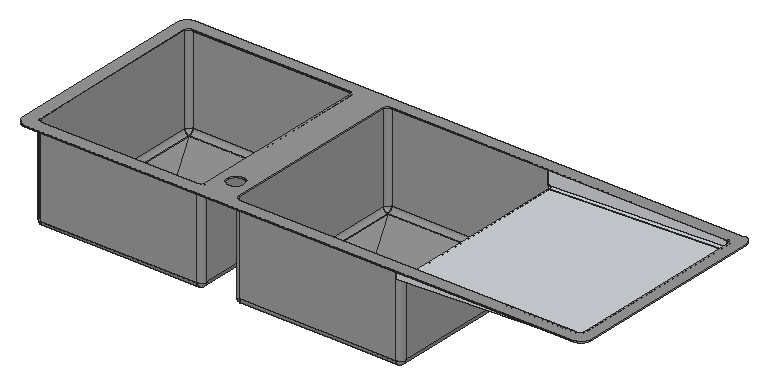
Revit family "Alma-SNA0022L-Theo-LHS-1200-Stainless-Steel", category Plumbing Fixtures, host Face, Revit 2022
Family settings
  Host = Face
  Round Connector Dimension = Use Diameter
  Part Type = Normal
  Cut with Voids When Loaded = No
  Maintain Annotation Orientation = No
  Shared = No
  Room Calculation Point = No
Parameters (values of type "Theo LHS 1200 Stainless Steel")
  Width 2 = 350.0 mm
  Width 1 = 350.0 mm
  Undermount [instance] = 20.0 mm
  URL = "https://www.buildmat.com.au/products/theo-1200x500-double-bowl-tap-landing-with-left-drain-board-sink"
  Sound Pad 2 = yes
  Sound Pad 1 = yes
  Model = "SNA0022L"  # constant formula
  Manufacturer = "BUILDMAT"  # constant formula
  Length = 400.0 mm
  Gap = 70.0 mm
  Drainboard Length = 380.0 mm
  Drain Sound Pad 2 = yes
  Drain Sound Pad 1 = yes
  Description = "Theo 1200x500 Double Bowl with Tap Landing & LHS Drain Board Sink"  # constant formula
  Depth = 205.0 mm
  Default Elevation = 1200.0 mm
  D. S. Pad 2 = 175.0 mm
  D. S. Pad 1 = 200.0 mm
  D. Bracket 4 = 50.0 mm
  D. Bracket 3 = 50.0 mm
  D. Bracket 2 = 50.0 mm
  D. Bracket 1 = 100.0 mm
  Created = "22.12.2023"  # constant formula
  Brand = "Alma"  # constant formula
  Bracket 4 = yes
  Bracket 3 = yes
  Bracket 2 = yes
  Bracket 1 = yes
  Bowl = Alma Stainless Steel
Reference planes
  plane 1 "Center (Front/Back)": y = 0
  plane 2: z = 0
  plane 3 "Center (Left/Right)": x = 0
  plane 4: x = -35
  plane 5: x = 35
  plane 6: x = -385
  plane 7: x = 385
  plane 8: y = -200
  plane 9: y = 200
  plane 10: x = -410
  plane 11: y = -225
  plane 12: y = 225
  plane 13: x = 210
  plane 14: x = -210
  plane 15: y = 190
  plane 16: y = -190
  plane 17: x = -375
  plane 18: x = -45
  plane 19: x = 45
  plane 20: x = 375
  plane 21: y = 201.5
  plane 22: y = -201.5
  plane 23: x = -386.5
  plane 24: x = -33.5
  plane 25: x = 33.5
  plane 26: x = 386.5
  plane 27: x = -267
  plane 28: x = -153
  plane 29: x = -165
  plane 30: x = -255
  plane 31: x = 153
  plane 32: x = 165
  plane 33: x = 255
  plane 34: x = 267
  plane 35 "Sound Pad 1": x = -185
  plane 36 "Sound Pad 2": x = 210
  plane 37 "Top Substrate": z = -20
  plane 38: z = -18.5
  plane 39 "Bottom Void": z = -225
  plane 40: z = -215
  plane 41: z = -205
  plane 42: z = -220
  plane 43: z = -221.481
  plane 44: z = -216.5
  plane 45 "Sound Pad": z = -125
  plane 46 "Bracket 1": x = -285
  plane 47 "Bracket 2": x = -85
  plane 48 "Bracket 3": x = 85
  plane 49 "Bracket 4": x = 335
  plane 50: y = 100
  plane 51: y = -100
  plane 52: x = -310
  plane 53: x = -110
  plane 54: x = 110
  plane 55: x = 310
  plane 56: z = -185
  plane 57: z = -165
  plane 58 "Drainboard": x = 765
  plane 59: x = 790
  plane 60: x = 766.5
  plane 61: x = 755
  plane 62: z = -35
  plane 63: z = -50
  plane 64: x = 665
  plane 65: y = -155
  plane 66: x = -17.5
  plane 67: x = 17.5
  plane 68: y = -137.5
  plane 69: y = -172.5
Forms (mm)
  Extrusion 1, void
    sketch origin (0, 0, 0) x (1, 0, 0) y (0, 1, 0)
      loop
        arc (-375, 200) -> (-382.071, 197.071) -> (-385, 190) r 10
        line (-385, 190) -> (-385, -190)
        arc (-385, -190) -> (-382.071, -197.071) -> (-375, -200) r 10
        line (-375, -200) -> (755, -200)
        arc (755, -200) -> (762.071, -197.071) -> (765, -190) r 10
        line (765, -190) -> (765, 190)
        arc (765, 190) -> (762.071, 197.071) -> (755, 200) r 10
        line (755, 200) -> (-375, 200)
    from 0 to -18.5
  Extrusion 2, void
    sketch origin (0, 0, 0) x (1, 0, 0) y (0, 1, 0)
      loop
        arc (-390, 225) -> (-404.142, 219.142) -> (-410, 205) r 20
        line (-410, 205) -> (-410, -205)
        arc (-410, -205) -> (-404.142, -219.142) -> (-390, -225) r 20
        line (-390, -225) -> (770, -225)
        arc (770, -225) -> (784.142, -219.142) -> (790, -205) r 20
        line (790, -205) -> (790, 205)
        arc (790, 205) -> (784.142, 219.142) -> (770, 225) r 20
        line (770, 225) -> (-390, 225)
    from -20 to -18.5
  Extrusion 3, void
    sketch origin (0, 0, 0) x (1, 0, 0) y (0, 1, 0)
      loop
        line (-386.5, 201.5) -> (-386.5, -201.5) -> (766.5, -201.5) -> (766.5, 201.5) -> (-386.5, 201.5)
    from -225 to -20
  Extrusion 4, solid, material "Alma Stainless Steel" <- "Bowl"
    sketch origin (0, 0, -20) x (-1, 0, 0) y (0, -1, 0)
      loop
        arc (390, -225) -> (404.142, -219.142) -> (410, -205) r 20
        line (410, -205) -> (410, 205)
        arc (410, 205) -> (404.142, 219.142) -> (390, 225) r 20
        line (390, 225) -> (-770, 225)
        arc (-770, 225) -> (-784.142, 219.142) -> (-790, 205) r 20
        line (-790, 205) -> (-790, -205)
        arc (-790, -205) -> (-784.142, -219.142) -> (-770, -225) r 20
        line (-770, -225) -> (390, -225)
      loop
        arc (375, -200) -> (382.071, -197.071) -> (385, -190) r 10
        line (385, -190) -> (385, 190)
        arc (385, 190) -> (382.071, 197.071) -> (375, 200) r 10
        line (375, 200) -> (45, 200)
        arc (45, 200) -> (37.929, 197.071) -> (35, 190) r 10
        line (35, 190) -> (35, -190)
        arc (35, -190) -> (37.929, -197.071) -> (45, -200) r 10
        line (45, -200) -> (375, -200)
      loop
        line (-35, -190) -> (-35, 190)
        arc (-35, 190) -> (-37.929, 197.071) -> (-45, 200) r 10
        line (-45, 200) -> (-755, 200)
        arc (-755, 200) -> (-762.071, 197.071) -> (-765, 190) r 10
        line (-765, 190) -> (-765, -190)
        arc (-765, -190) -> (-762.071, -197.071) -> (-755, -200) r 10
        line (-755, -200) -> (-45, -200)
        arc (-45, -200) -> (-37.929, -197.071) -> (-35, -190) r 10
      loop
        circle (0, 155) r 17.5
    from 0 to 1.5
  Extrusion 5, solid, material "Alma Stainless Steel" <- "Bowl"
    sketch origin (0, 0, -20) x (-1, 0, 0) y (0, -1, 0)
      loop
        arc (375, -200) -> (382.071, -197.071) -> (385, -190) r 10
        line (385, -190) -> (385, 190)
        arc (385, 190) -> (382.071, 197.071) -> (375, 200) r 10
        line (375, 200) -> (45, 200)
        arc (45, 200) -> (37.929, 197.071) -> (35, 190) r 10
        line (35, 190) -> (35, -190)
        arc (35, -190) -> (37.929, -197.071) -> (45, -200) r 10
        line (45, -200) -> (375, -200)
      loop
        arc (375, -201.5) -> (383.132, -198.132) -> (386.5, -190) r 11.5
        line (386.5, -190) -> (386.5, 190)
        arc (386.5, 190) -> (383.132, 198.132) -> (375, 201.5) r 11.5
        line (375, 201.5) -> (45, 201.5)
        arc (45, 201.5) -> (36.868, 198.132) -> (33.5, 190) r 11.5
        line (33.5, 190) -> (33.5, -190)
        arc (33.5, -190) -> (36.868, -198.132) -> (45, -201.5) r 11.5
        line (45, -201.5) -> (375, -201.5)
    from 0 to -185
  Extrusion 6, solid, material "Alma Stainless Steel" <- "Bowl"
    sketch origin (0, 0, -20) x (-1, 0, 0) y (0, -1, 0)
      loop
        arc (-45, -200) -> (-37.929, -197.071) -> (-35, -190) r 10
        line (-35, -190) -> (-35, 190)
        arc (-35, 190) -> (-37.929, 197.071) -> (-45, 200) r 10
        line (-45, 200) -> (-375, 200)
        arc (-375, 200) -> (-382.071, 197.071) -> (-385, 190) r 10
        line (-385, 190) -> (-385, -190)
        arc (-385, -190) -> (-382.071, -197.071) -> (-375, -200) r 10
        line (-375, -200) -> (-45, -200)
      loop
        line (-33.5, -190) -> (-33.5, 190)
        arc (-33.5, 190) -> (-36.868, 198.132) -> (-45, 201.5) r 11.5
        line (-45, 201.5) -> (-375, 201.5)
        arc (-375, 201.5) -> (-383.132, 198.132) -> (-386.5, 190) r 11.5
        line (-386.5, 190) -> (-386.5, -190)
        arc (-386.5, -190) -> (-383.132, -198.132) -> (-375, -201.5) r 11.5
        line (-375, -201.5) -> (-45, -201.5)
        arc (-45, -201.5) -> (-36.868, -198.132) -> (-33.5, -190) r 11.5
    from 0 to -185
  Extrusion 7, solid, material "Alma Stainless Steel" <- "Bowl"
    sketch origin (0, 0, 0) x (1, 0, 0) y (0, 0, 1)
      loop
        line (-385, -205) -> (-386.5, -205)
        arc (-386.5, -205) -> (-383.132, -213.132) -> (-375, -216.5) r 11.5
        line (-375, -216.5) -> (-375, -215)
        arc (-375, -215) -> (-382.071, -212.071) -> (-385, -205) r 10
    from -190 to 190
  Extrusion 8, solid, material "Alma Stainless Steel" <- "Bowl"
    sketch origin (0, 0, 0) x (1, 0, 0) y (0, 0, 1)
      loop
        arc (-35, -205) -> (-37.929, -212.071) -> (-45, -215) r 10
        line (-45, -215) -> (-45, -216.5)
        arc (-45, -216.5) -> (-36.868, -213.132) -> (-33.5, -205) r 11.5
        line (-33.5, -205) -> (-35, -205)
    from -190 to 190
  Extrusion 9, solid, material "Alma Stainless Steel" <- "Bowl"
    sketch origin (0, 0, 0) x (1, 0, 0) y (0, 0, 1)
      loop
        line (35, -205) -> (33.5, -205)
        arc (33.5, -205) -> (36.868, -213.132) -> (45, -216.5) r 11.5
        line (45, -216.5) -> (45, -215)
        arc (45, -215) -> (37.929, -212.071) -> (35, -205) r 10
    from -190 to 190
  Extrusion 10, solid, material "Alma Stainless Steel" <- "Bowl"
    sketch origin (0, 0, 0) x (1, 0, 0) y (0, 0, 1)
      loop
        arc (385, -205) -> (382.071, -212.071) -> (375, -215) r 10
        line (375, -215) -> (375, -216.5)
        arc (375, -216.5) -> (383.132, -213.132) -> (386.5, -205) r 11.5
        line (386.5, -205) -> (385, -205)
    from -190 to 190
  Extrusion 11, solid, material "Alma Stainless Steel" <- "Bowl"
    sketch origin (0, 0, 0) x (0, 1, 0) y (0, 0, 1)
      loop
        line (201.5, -205) -> (200, -205)
        arc (200, -205) -> (197.071, -212.071) -> (190, -215) r 10
        line (190, -215) -> (190, -216.5)
        arc (190, -216.5) -> (198.132, -213.132) -> (201.5, -205) r 11.5
    from 45 to 375
  Extrusion 12, solid, material "Alma Stainless Steel" <- "Bowl"
    sketch origin (0, 0, 0) x (0, 1, 0) y (0, 0, 1)
      loop
        line (-200, -205) -> (-201.5, -205)
        arc (-201.5, -205) -> (-198.132, -213.132) -> (-190, -216.5) r 11.5
        line (-190, -216.5) -> (-190, -215)
        arc (-190, -215) -> (-197.071, -212.071) -> (-200, -205) r 10
    from 45 to 375
  Extrusion 13, solid, material "Alma Stainless Steel" <- "Bowl"
    sketch origin (0, 0, 0) x (0, 1, 0) y (0, 0, 1)
      loop
        arc (200, -205) -> (197.071, -212.071) -> (190, -215) r 10
        line (190, -215) -> (190, -216.5)
        arc (190, -216.5) -> (198.132, -213.132) -> (201.5, -205) r 11.5
        line (201.5, -205) -> (200, -205)
    from -375 to -45
  Extrusion 14, solid, material "Alma Stainless Steel" <- "Bowl"
    sketch origin (0, 0, 0) x (0, 1, 0) y (0, 0, 1)
      loop
        line (-200, -205) -> (-201.5, -205)
        arc (-201.5, -205) -> (-198.132, -213.132) -> (-190, -216.5) r 11.5
        line (-190, -216.5) -> (-190, -215)
        arc (-190, -215) -> (-197.071, -212.071) -> (-200, -205) r 10
    from -375 to -45
  Revolve 15, solid, material "Alma Stainless Steel" <- "Bowl"
    sketch origin (-423.435, 190, 4000) x (-1, 0, 0) y (0, 0, 1)
      loop
        arc (-38.435, -4205) -> (-41.364, -4212.071) -> (-48.435, -4215) r 10
        line (-48.435, -4215) -> (-48.435, -4216.5)
        arc (-48.435, -4216.5) -> (-40.304, -4213.132) -> (-36.935, -4205) r 11.5
        line (-36.935, -4205) -> (-38.435, -4205)
      axis (-48.435, -4205) -> (-48.435, -4216.5)
    angle from -90 to 0
  Revolve 16, solid, material "Alma Stainless Steel" <- "Bowl"
    sketch origin (-423.435, 190, 4000) x (-1, 0, 0) y (0, 0, 1)
      loop
        line (-388.435, -4205) -> (-389.935, -4205)
        arc (-389.935, -4205) -> (-386.567, -4213.132) -> (-378.435, -4216.5) r 11.5
        line (-378.435, -4216.5) -> (-378.435, -4215)
        arc (-378.435, -4215) -> (-385.506, -4212.071) -> (-388.435, -4205) r 10
      axis (-378.435, -4205) -> (-378.435, -4216.5)
    angle from -90 to 0
  Revolve 17, solid, material "Alma Stainless Steel" <- "Bowl"
    sketch origin (-423.435, 190, 4000) x (-1, 0, 0) y (0, 0, 1)
      loop
        arc (-458.435, -4205) -> (-461.364, -4212.071) -> (-468.435, -4215) r 10
        line (-468.435, -4215) -> (-468.435, -4216.5)
        arc (-468.435, -4216.5) -> (-460.304, -4213.132) -> (-456.935, -4205) r 11.5
        line (-456.935, -4205) -> (-458.435, -4205)
      axis (-468.435, -4205) -> (-468.435, -4216.5)
    angle from -90 to 0
  Revolve 18, solid, material "Alma Stainless Steel" <- "Bowl"
    sketch origin (-423.435, 190, 4000) x (-1, 0, 0) y (0, 0, 1)
      loop
        line (-808.435, -4205) -> (-809.935, -4205)
        arc (-809.935, -4205) -> (-806.567, -4213.132) -> (-798.435, -4216.5) r 11.5
        line (-798.435, -4216.5) -> (-798.435, -4215)
        arc (-798.435, -4215) -> (-805.506, -4212.071) -> (-808.435, -4205) r 10
      axis (-798.435, -4205) -> (-798.435, -4216.5)
    angle from -90 to 0
  Revolve 19, solid, material "Alma Stainless Steel" <- "Bowl"
    sketch origin (-423.435, -190, 4000) x (-1, 0, 0) y (0, 0, 1)
      loop
        arc (-38.435, -4205) -> (-41.364, -4212.071) -> (-48.435, -4215) r 10
        line (-48.435, -4215) -> (-48.435, -4216.5)
        arc (-48.435, -4216.5) -> (-40.304, -4213.132) -> (-36.935, -4205) r 11.5
        line (-36.935, -4205) -> (-38.435, -4205)
      axis (-48.435, -4205) -> (-48.435, -4216.5)
    angle from 0 to 90
  Revolve 20, solid, material "Alma Stainless Steel" <- "Bowl"
    sketch origin (-423.435, -190, 4000) x (-1, 0, 0) y (0, 0, 1)
      loop
        arc (-389.935, -4205) -> (-386.567, -4213.132) -> (-378.435, -4216.5) r 11.5
        line (-378.435, -4216.5) -> (-378.435, -4215)
        arc (-378.435, -4215) -> (-385.506, -4212.071) -> (-388.435, -4205) r 10
        line (-388.435, -4205) -> (-389.935, -4205)
      axis (-378.435, -4205) -> (-378.435, -4216.5)
    angle from 0 to 90
  Revolve 21, solid, material "Alma Stainless Steel" <- "Bowl"
    sketch origin (-423.435, -190, 4000) x (-1, 0, 0) y (0, 0, 1)
      loop
        line (-456.935, -4205) -> (-458.435, -4205)
        arc (-458.435, -4205) -> (-461.364, -4212.071) -> (-468.435, -4215) r 10
        line (-468.435, -4215) -> (-468.435, -4216.5)
        arc (-468.435, -4216.5) -> (-460.304, -4213.132) -> (-456.935, -4205) r 11.5
      axis (-468.435, -4205) -> (-468.435, -4216.5)
    angle from 0 to 90
  Revolve 22, solid, material "Alma Stainless Steel" <- "Bowl"
    sketch origin (-423.435, -190, 4000) x (-1, 0, 0) y (0, 0, 1)
      loop
        arc (-809.935, -4205) -> (-806.567, -4213.132) -> (-798.435, -4216.5) r 11.5
        line (-798.435, -4216.5) -> (-798.435, -4215)
        arc (-798.435, -4215) -> (-805.506, -4212.071) -> (-808.435, -4205) r 10
        line (-808.435, -4205) -> (-809.935, -4205)
      axis (-798.435, -4205) -> (-798.435, -4216.5)
    angle from 0 to 90
  Extrusion 23, solid, material "Alma Stainless Steel" <- "Bowl"
    sketch origin (0, 0, -20) x (-1, 0, 0) y (0, -1, 0)
      loop
        line (45, -190) -> (375, -190) -> (375, 190) -> (45, 190) -> (45, -190)
    from -196.5 to -195
  Extrusion 24, solid, material "Alma Stainless Steel" <- "Bowl"
    sketch origin (0, 0, -20) x (-1, 0, 0) y (0, -1, 0)
      loop
        line (-45, -190) -> (-45, 190) -> (-375, 190) -> (-375, -190) -> (-45, -190)
    from -196.5 to -195
  Blend 25, solid, material "Alma Stainless Steel" <- "Bowl"
    base sketch origin (0, 0, -20) x (-1, 0, 0) y (0, -1, 0)
      loop
        circle (210, 0) r 57
    top sketch origin (0, 0, -20) x (-1, 0, 0) y (0, -1, 0)
      loop
        line (375, -190) -> (375, 190) -> (45, 190) -> (45, -190) -> (375, -190)
    from -201.481 to -196.5
  Blend 26, solid, material "Alma Stainless Steel" <- "Bowl"
    base sketch origin (0, 0, -20) x (-1, 0, 0) y (0, -1, 0)
      loop
        circle (-210, 0) r 57
    top sketch origin (0, 0, -20) x (-1, 0, 0) y (0, -1, 0)
      loop
        line (-45, -190) -> (-45, 190) -> (-375, 190) -> (-375, -190) -> (-45, -190)
    from -201.481 to -196.5
  Blend 27, void
    base sketch origin (0, 0, -20) x (-1, 0, 0) y (0, -1, 0)
      loop
        circle (210, 0) r 57
    top sketch origin (0, 0, -20) x (-1, 0, 0) y (0, -1, 0)
      loop
        line (375, -190) -> (375, 190) -> (45, 190) -> (45, -190) -> (375, -190)
    from -200 to -195
  Blend 28, void
    base sketch origin (0, 0, -20) x (-1, 0, 0) y (0, -1, 0)
      loop
        circle (-210, 0) r 57
    top sketch origin (0, 0, -20) x (-1, 0, 0) y (0, -1, 0)
      loop
        line (-45, -190) -> (-45, 190) -> (-375, 190) -> (-375, -190) -> (-45, -190)
    from -200 to -195
  Extrusion 29, void
    sketch origin (0, 0, -225) x (-1, 0, 0) y (0, -1, 0)
      loop
        circle (210, 0) r 57
    from 0 to 5
  Extrusion 30, void
    sketch origin (0, 0, -225) x (-1, 0, 0) y (0, -1, 0)
      loop
        circle (-210, 0) r 57
    from 0 to 5
  Revolve 31, solid, material "Alma Stainless Steel" <- "Bowl"
    sketch origin (0, 0, 0) x (1, 0, 0) y (0, 0, 1)
      loop
        spline (-267, -220) -> (-266.897, -220.653) -> (-266.591, -221.294) -> (-266.087, -221.913) -> (-265.392, -222.5) -> (-264.52, -223.044) -> (-263.485, -223.536) -> (-262.305, -223.967) -> (-261, -224.33) -> (-259.592, -224.619) -> (-258.106, -224.83) -> (-256.566, -224.957) -> (-255, -225)
        line (-255, -225) -> (-255, -223.5)
        spline (-255, -223.5) -> (-256.371, -223.47) -> (-257.718, -223.381) -> (-259.018, -223.234) -> (-260.25, -223.031) -> (-261.392, -222.777) -> (-262.425, -222.475) -> (-263.33, -222.131) -> (-264.093, -221.75) -> (-264.701, -221.339) -> (-265.142, -220.906) -> (-265.41, -220.457) -> (-265.5, -220)
        line (-265.5, -220) -> (-267, -220)
      axis (-210, -225) -> (-210, -220)
    angle from 0 to 360
  Revolve 32, solid, material "Alma Stainless Steel" <- "Bowl"
    sketch origin (0, 0, 0) x (1, 0, 0) y (0, 0, 1)
      loop
        line (267, -220) -> (265.5, -220)
        spline (265.5, -220) -> (265.41, -220.457) -> (265.142, -220.906) -> (264.701, -221.339) -> (264.093, -221.75) -> (263.33, -222.131) -> (262.425, -222.475) -> (261.392, -222.777) -> (260.25, -223.031) -> (259.018, -223.234) -> (257.718, -223.381) -> (256.371, -223.47) -> (255, -223.5)
        line (255, -223.5) -> (255, -225)
        spline (255, -225) -> (256.566, -224.957) -> (258.106, -224.83) -> (259.592, -224.619) -> (261, -224.33) -> (262.305, -223.967) -> (263.485, -223.536) -> (264.52, -223.044) -> (265.392, -222.5) -> (266.087, -221.913) -> (266.591, -221.294) -> (266.897, -220.653) -> (267, -220)
      axis (210, -220) -> (210, -225)
    angle from 0 to 360
  Extrusion 33, solid
    sketch origin (0, 0, 0) x (1, 0, 0) y (0, 0, 1)
      loop
        line (375, -50) -> (766.5, -35) -> (766.5, -20) -> (765, -20) -> (765, -33.561) -> (375, -48.499) -> (375, -50)
    from -190 to 190
  Revolve 34, solid
    sketch origin (-423.435, 190, 4000) x (-1, 0, 0) y (0, 0, 1)
      loop
        line (-1189.935, -4035) -> (-1178.435, -4035.441) -> (-1178.435, -4033.944) -> (-1188.435, -4033.561) -> (-1188.435, -4020) -> (-1189.935, -4020) -> (-1189.935, -4035)
      axis (-1178.435, -4035.441) -> (-1178.435, -4020)
    angle from -90 to 0
  Revolve 35, solid
    sketch origin (-423.435, -190, 4000) x (-1, 0, 0) y (0, 0, 1)
      loop
        line (-1189.935, -4035) -> (-1178.435, -4035.441) -> (-1178.435, -4033.944) -> (-1188.435, -4033.561) -> (-1188.435, -4020) -> (-1189.935, -4020) -> (-1189.935, -4035)
      axis (-1178.435, -4035.441) -> (-1178.435, -4020)
    angle from 0 to 90
  SweptBlend 36, solid
    path origin (0, 0, -20) x (-1, 0, 0) y (0, -1, 0)
      loop
        line (-375, -200) -> (-755, -200)
    profile origin (375, 200, -20) x (0, 1, 0) y (0, 0, 1)
      loop
        line (0, -28.084) -> (-10, -28.499) -> (-10, -30) -> (1.5, -29.523) -> (1.5, 0) -> (0, 0) -> (0, -28.084)
    end profile origin (755, 200, -20) x (0, 1, 0) y (0, 0, 1)
      loop
        line (0, -13.561) -> (-10, -13.976) -> (-10, -15.477) -> (1.5, -15) -> (1.5, 0) -> (0, 0) -> (0, -13.561)
  Extrusion 37, void
    sketch origin (0, 0, -20) x (-1, 0, 0) y (0, -1, 0)
      loop
        arc (-385, -190) -> (-382.071, -197.071) -> (-375, -200) r 10
        line (-375, -200) -> (-375, 200)
        arc (-375, 200) -> (-382.071, 197.071) -> (-385, 190) r 10
        line (-385, 190) -> (-385, -190)
    from -30 to 0
  SweptBlend 38, solid
    path origin (0, 0, -20) x (-1, 0, 0) y (0, -1, 0)
      loop
        line (-375, 190) -> (-755, 190)
    profile origin (375, -190, -20) x (0, 1, 0) y (0, 0, 1)
      loop
        line (-11.5, -29.523) -> (0, -30) -> (0, -28.499) -> (-10, -28.084) -> (-10, 0) -> (-11.5, 0) -> (-11.5, -29.523)
    end profile origin (755, -190, -20) x (0, 1, 0) y (0, 0, 1)
      loop
        line (0, -15.477) -> (0, -13.976) -> (-10, -13.561) -> (-10, 0) -> (-11.5, 0) -> (-11.5, -15) -> (0, -15.477)
  SweptBlend 39, void
    path origin (0, 0, -20) x (-1, 0, 0) y (0, -1, 0)
      loop
        line (-375, 0) -> (-755, 0)
    profile origin (375, 0, -20) x (0, 1, 0) y (0, 0, 1)
      loop
        line (-190, -30) -> (190, -30) -> (201.5, -29.523) -> (201.5, 0) -> (-201.5, 0) -> (-201.5, -29.523) -> (-190, -30)
    end profile origin (755, 0, -20) x (0, 1, 0) y (0, 0, 1)
      loop
        line (201.5, 0) -> (-201.5, 0) -> (-201.5, -15) -> (201.5, -15) -> (201.5, 0)
Cuts and joins
  Blend 27, Extrusion 29 cuts Extrusion 23
  Blend 27, Extrusion 29 cuts Blend 25
  joined: Extrusion 23, Blend 25
  Blend 28, Extrusion 30 cuts Extrusion 24
  Blend 28, Extrusion 30 cuts Blend 26
  joined: Extrusion 24, Blend 26
  Extrusion 37 cuts Extrusion 33
  Extrusion 37 cuts SweptBlend 36
  Extrusion 37 cuts SweptBlend 38
  SweptBlend 39 cuts Extrusion 4
  SweptBlend 39 cuts Extrusion 6
  SweptBlend 39 cuts Revolve 34
  SweptBlend 39 cuts Revolve 35
Lines and regions (mm)
  Masking region 1
    outline origin (0, 0, 0) x (1, 0, 0) y (0, 0, 1)
      loop
        line (-385, -20) -> (-385, -205)
        arc (-385, -205) -> (-382.071, -212.071) -> (-375, -215) r 10
        line (-375, -215) -> (-267, -220) -> (-153, -220) -> (-45, -215)
        arc (-45, -215) -> (-37.929, -212.071) -> (-35, -205) r 10
        line (-35, -205) -> (-35, -20) -> (-385, -20)
  Masking region 2
    outline origin (0, 0, 0) x (1, 0, 0) y (0, 0, 1)
      loop
        line (35, -20) -> (35, -205)
        arc (35, -205) -> (37.609, -211.736) -> (44.076, -214.957) r 10
        line (44.076, -214.957) -> (153, -220) -> (267, -220) -> (375, -215)
        arc (375, -215) -> (382.071, -212.071) -> (385, -205) r 10
        line (385, -205) -> (385, -20) -> (35, -20)
  Masking region 3, visible <- "Drain Sound Pad 1"
    outline origin (0, 0, 0) x (1, 0, 0) y (0, 0, 1)
      loop
        line (-267, -221.481) -> (-310, -219.498) -> (-310, -225) -> (-267, -225) -> (-267, -221.481)
  Masking region 4, visible <- "Drain Sound Pad 1"
    outline origin (0, 0, 0) x (1, 0, 0) y (0, 0, 1)
      loop
        line (-153, -221.481) -> (-153, -225) -> (-110, -225) -> (-110, -219.498) -> (-153, -221.481)
  Masking region 5, visible <- "Drain Sound Pad 2"
    outline origin (0, 0, 0) x (1, 0, 0) y (0, 0, 1)
      loop
        line (110, -219.498) -> (110, -225) -> (153, -225) -> (153, -221.481) -> (110, -219.498)
  Masking region 6, visible <- "Drain Sound Pad 2"
    outline origin (0, 0, 0) x (1, 0, 0) y (0, 0, 1)
      loop
        line (310, -219.498) -> (267, -221.481) -> (267, -225) -> (310, -225) -> (310, -219.498)
  Masking region 7
    outline origin (0, 0, 0) x (1, 0, 0) y (0, 0, 1)
      loop
        line (-33.5, -165) -> (-33.5, -185) -> (33.5, -185) -> (33.5, -165) -> (-33.5, -165)
  Masking region 8
    outline origin (-423.435, -190, 4000) x (-1, 0, 0) y (0, 0, 1)
      loop
        line (-1200.935, -4020) -> (-1202.435, -4020) -> (-1202.435, -4035) -> (-1200.935, -4035) -> (-1200.935, -4020)
  Masking region 9
    outline origin (-423.435, -190, 4000) x (-1, 0, 0) y (0, 0, 1)
      loop
        line (-809.935, -4097.929) -> (-809.935, -4055.503) -> (-816.174, -4049.264) -> (-860.437, -4047.427) -> (-809.935, -4097.929)
  Masking region 10
    outline origin (0, 0, -20) x (-1, 0, 0) y (0, -1, 0)
      loop
        arc (-375, -200) -> (-382.071, -197.071) -> (-385, -190) r 10
        line (-385, -190) -> (-385, 190)
        arc (-385, 190) -> (-382.071, 197.071) -> (-375, 200) r 10
        line (-375, 200) -> (-755, 200)
        arc (-755, 200) -> (-762.071, 197.071) -> (-765, 190) r 10
        line (-765, 190) -> (-765, -190)
        arc (-765, -190) -> (-762.071, -197.071) -> (-755, -200) r 10
        line (-755, -200) -> (-375, -200)
Text (mm)
  text "Refer to www.buildmat.com.au for the most current product literature. \nAllow a +/- 5mm tolerance for dimensions shown in the product literature. \nPlease note product details are subject to change due to ongoing product development." at (0.056, -1035.857, 0), in view "Ref. Level"
Dimensions and locks
  equal spacing: plane 4, plane 3 "Center (Left/Right)", plane 5
  "Gap": plane 4 to plane 5
  "Width 1": plane 6 to plane 4
  "Width 2": plane 5 to plane 7
  equal spacing: plane 9, plane 1 "Center (Front/Back)", plane 8
  "Length": plane 8 to plane 9
  locked: plane 10 to plane 6 at 25
  locked: plane 12 to plane 9 at 25
  locked: plane 8 to plane 11 at 25
  equal spacing: plane 5, plane 13, plane 7
  equal spacing: plane 6, plane 14, plane 4
  locked: plane 9 to plane 15 at 10
  locked: plane 16 to plane 8 at 10
  locked: plane 6 to plane 17 at 10
  locked: plane 18 to plane 4 at 10
  locked: plane 5 to plane 19 at 10
  locked: plane 20 to plane 7 at 10
  locked: plane 8 to plane 22 at 1.5
  locked: plane 21 to plane 9 at 1.5
  locked: plane 23 to plane 6 at 1.5
  locked: plane 4 to plane 24 at 1.5
  locked: plane 25 to plane 5 at 1.5
  locked: plane 7 to plane 26 at 1.5
  plane 27 to plane 14 to plane 28 = 57.0 mm locked, 57.0 mm locked
  plane 30 to plane 14 to plane 29 = 45.0 mm locked, 45.0 mm locked
  plane 31 to plane 13 to plane 34 = 57.0 mm locked, 57.0 mm locked
  plane 32 to plane 13 to plane 33 = 45.0 mm locked, 45.0 mm locked
  locked: plane 38 to plane 37 "Top Substrate" at 1.5
  plane 41 to plane 40 to plane 39 "Bottom Void" = 10.0 mm locked, 10.0 mm locked
  locked: plane 42 to plane 39 "Bottom Void" at 5
  locked: plane 42 to plane 43 at 1.481
  locked: plane 40 to plane 44 at 1.5
  locked: plane 45 "Sound Pad" to plane 39 "Bottom Void" at 100
  "Depth": plane 37 "Top Substrate" to plane 39 "Bottom Void"
  "Undermount": plane 2 to plane 37 "Top Substrate"
  "D. S. Pad 1": plane 35 "Sound Pad 1" to plane 6
  "D. S. Pad 2": plane 7 to plane 36 "Sound Pad 2"
  "D. Bracket 1": plane 46 "Bracket 1" to plane 6
  "D. Bracket 2": plane 4 to plane 47 "Bracket 2"
  "D. Bracket 3": plane 48 "Bracket 3" to plane 5
  "D. Bracket 4": plane 7 to plane 49 "Bracket 4"
  locked: plane 9 to plane 50 at 100
  locked: plane 51 to plane 8 at 100
  plane 53 to plane 14 to plane 52 = 100.0 mm locked, 100.0 mm locked
  plane 55 to plane 13 to plane 54 = 100.0 mm locked, 100.0 mm locked
  plane 57 to plane 56 to plane 41 = 20.0 mm locked, 20.0 mm locked
  "Drainboard Length": plane 7 to plane 58 "Drainboard"
  locked: plane 58 "Drainboard" to plane 59 at 25
  locked: plane 58 "Drainboard" to plane 60 at 1.5
  locked: plane 61 to plane 58 "Drainboard" at 10
  plane 37 "Top Substrate" to plane 62 to plane 63 = 15.0 mm locked, 15.0 mm locked
  locked: plane 64 to plane 58 "Drainboard" at 100
  plane 65 to plane 11 = 70.0 mm
  equal spacing: plane 68, plane 65, plane 69
  plane 68 to plane 69 = 35.0 mm
  equal spacing: plane 66, plane 3 "Center (Left/Right)", plane 67
  plane 66 to plane 67 = 35.0 mm
  aligned and locked: plane 2 to host face
  aligned and locked: level to host face
  aligned and locked: Extrusion 1 sketch curve to plane 9
  aligned and locked: Extrusion 1 sketch curve to plane 6
  aligned and locked: Extrusion 1 sketch curve to plane 8
  aligned and locked: Extrusion 1 to level
  aligned and locked: Extrusion 1 to plane 38
  aligned and locked: Extrusion 2 sketch curve to plane 12
  aligned and locked: Extrusion 2 sketch curve to plane 10
  aligned and locked: Extrusion 2 sketch curve to plane 11
  aligned and locked: Extrusion 2 to plane 37 "Top Substrate"
  aligned and locked: Extrusion 2 to plane 38
  aligned and locked: Extrusion 3 sketch curve to plane 21
  aligned and locked: Extrusion 3 sketch curve to plane 23
  aligned and locked: Extrusion 3 sketch curve to plane 22
  aligned and locked: Extrusion 3 to plane 39 "Bottom Void"
  aligned and locked: Extrusion 3 to plane 37 "Top Substrate"
  aligned and locked: Extrusion 4 sketch curve to plane 12
  aligned and locked: Extrusion 4 sketch curve to plane 10
  aligned and locked: Extrusion 4 sketch curve to plane 11
  aligned and locked: Extrusion 4 sketch curve to plane 9  (x2)
  aligned and locked: Extrusion 4 sketch curve to plane 6
  aligned and locked: Extrusion 4 sketch curve to plane 8  (x2)
  aligned and locked: Extrusion 4 sketch curve to plane 4
  aligned and locked: Extrusion 4 sketch curve to plane 5
  aligned and locked: Extrusion 4 to plane 37 "Top Substrate"
  aligned and locked: Extrusion 4 to plane 38
  aligned and locked: Extrusion 5 sketch curve to plane 9
  aligned and locked: Extrusion 5 sketch curve to plane 21
  aligned and locked: Extrusion 5 sketch curve to plane 6
  aligned and locked: Extrusion 5 sketch curve to plane 23
  aligned and locked: Extrusion 5 sketch curve to plane 24
  aligned and locked: Extrusion 5 sketch curve to plane 4
  aligned and locked: Extrusion 5 sketch curve to plane 22
  aligned and locked: Extrusion 5 sketch curve to plane 8
  aligned and locked: Extrusion 5 to plane 41
  aligned and locked: plane 37 "Top Substrate" to Extrusion 5
  aligned and locked: Extrusion 6 sketch curve to plane 9
  aligned and locked: Extrusion 6 sketch curve to plane 7
  aligned and locked: Extrusion 6 sketch curve to plane 8
  aligned and locked: Extrusion 6 sketch curve to plane 5
  aligned and locked: Extrusion 6 sketch curve to plane 25
  aligned and locked: Extrusion 6 sketch curve to plane 26
  aligned and locked: Extrusion 6 sketch curve to plane 21
  aligned and locked: Extrusion 6 sketch curve to plane 22
  aligned and locked: Extrusion 6 to plane 41
  aligned and locked: plane 37 "Top Substrate" to Extrusion 6
  aligned and locked: Extrusion 7 sketch curve to plane 41
  aligned and locked: Extrusion 7 sketch curve to plane 17
  aligned and locked: Extrusion 8 sketch curve to plane 41
  aligned and locked: Extrusion 8 sketch curve to plane 18
  aligned and locked: Extrusion 9 sketch curve to plane 41
  aligned and locked: Extrusion 9 sketch curve to plane 19
  aligned and locked: Extrusion 10 sketch curve to plane 20
  aligned and locked: plane 41 to Extrusion 10 sketch curve
  aligned and locked: plane 15 to Extrusion 10
  aligned and locked: plane 15 to Extrusion 9
  aligned and locked: plane 15 to Extrusion 8
  aligned and locked: plane 15 to Extrusion 7
  aligned and locked: Extrusion 10 to plane 16
  aligned and locked: Extrusion 9 to plane 16
  aligned and locked: Extrusion 8 to plane 16
  aligned and locked: Extrusion 7 to plane 16
  aligned and locked: plane 41 to Extrusion 11 sketch curve
  aligned and locked: plane 15 to Extrusion 11 sketch curve
  aligned and locked: plane 16 to Extrusion 12 sketch curve
  aligned and locked: plane 41 to Extrusion 12 sketch curve
  aligned and locked: plane 20 to Extrusion 11
  aligned and locked: plane 20 to Extrusion 12
  aligned and locked: Extrusion 11 to plane 19
  aligned and locked: Extrusion 12 to plane 19
  aligned and locked: plane 15 to Extrusion 13 sketch curve
  aligned and locked: plane 41 to Extrusion 13 sketch curve
  aligned and locked: plane 16 to Extrusion 14 sketch curve
  aligned and locked: plane 41 to Extrusion 14 sketch curve
  aligned and locked: Extrusion 14 to plane 17
  aligned and locked: plane 18 to Extrusion 14
  aligned and locked: Extrusion 13 to plane 17
  aligned and locked: plane 18 to Extrusion 13
  aligned and locked: Revolve 15 sketch curve to plane 17
  aligned and locked: plane 41 to Revolve 15 sketch curve
  aligned and locked: plane 17 to Revolve 15 sketch curve
  aligned and locked: plane 17 to Revolve 15
  aligned and locked: plane 15 to Revolve 15
  aligned and locked: Revolve 16 sketch curve to plane 18
  aligned and locked: plane 18 to Revolve 16 sketch curve
  aligned and locked: plane 41 to Revolve 16 sketch curve
  aligned and locked: Revolve 16 to plane 18
  aligned and locked: plane 15 to Revolve 16
  aligned and locked: Revolve 17 sketch curve to plane 19
  aligned and locked: plane 41 to Revolve 17 sketch curve
  aligned and locked: plane 19 to Revolve 17 sketch curve
  aligned and locked: plane 19 to Revolve 17
  aligned and locked: plane 15 to Revolve 17
  aligned and locked: Revolve 18 sketch curve to plane 20
  aligned and locked: plane 20 to Revolve 18 sketch curve
  aligned and locked: plane 41 to Revolve 18 sketch curve
  aligned and locked: Revolve 18 to plane 20
  aligned and locked: plane 15 to Revolve 18
  aligned and locked: Revolve 19 sketch curve to plane 17
  aligned and locked: plane 41 to Revolve 19 sketch curve
  aligned and locked: plane 17 to Revolve 19 sketch curve
  aligned and locked: Revolve 19 to plane 17
  aligned and locked: plane 16 to Revolve 19
  aligned and locked: Revolve 20 sketch curve to plane 18
  aligned and locked: plane 41 to Revolve 20 sketch curve
  aligned and locked: plane 18 to Revolve 20 sketch curve
  aligned and locked: plane 18 to Revolve 20
  aligned and locked: plane 16 to Revolve 20
  aligned and locked: Revolve 21 sketch curve to plane 19
  aligned and locked: plane 41 to Revolve 21 sketch curve
  aligned and locked: plane 19 to Revolve 21 sketch curve
  aligned and locked: Revolve 21 to plane 19
  aligned and locked: plane 16 to Revolve 21
  aligned and locked: Revolve 22 sketch curve to plane 20
  aligned and locked: plane 41 to Revolve 22 sketch curve
  aligned and locked: plane 20 to Revolve 22 sketch curve
  aligned and locked: plane 16 to Revolve 22
  aligned and locked: plane 20 to Revolve 22
  aligned and locked: Extrusion 23 sketch curve to plane 18
  aligned and locked: Extrusion 23 sketch curve to plane 17
  aligned and locked: Extrusion 23 sketch curve to plane 15
  aligned and locked: Extrusion 23 sketch curve to plane 16
  aligned and locked: Extrusion 23 to plane 44
  aligned and locked: plane 40 to Extrusion 23
  aligned and locked: Extrusion 24 sketch curve to plane 15
  aligned and locked: Extrusion 24 sketch curve to plane 16
  aligned and locked: Extrusion 24 sketch curve to plane 20
  aligned and locked: Extrusion 24 sketch curve to plane 19
  aligned and locked: Extrusion 24 to plane 44
  aligned and locked: Extrusion 24 to plane 40
  aligned and locked: plane 43 to Blend 25
  aligned and locked: plane 44 to Blend 25
  aligned and locked: plane 43 to Blend 26
  aligned and locked: Blend 26 to plane 44
  aligned and locked: Blend 25 sketch curve to plane 15
  aligned and locked: Blend 25 sketch curve to plane 16
  aligned and locked: Blend 25 sketch curve to plane 17
  aligned and locked: Blend 25 sketch curve to plane 18
  aligned and locked: Blend 26 sketch curve to plane 15
  aligned and locked: Blend 26 sketch curve to plane 16
  aligned and locked: Blend 26 sketch curve to plane 20
  aligned and locked: Blend 26 sketch curve to plane 19
  aligned and locked: Blend 27 sketch curve to plane 15
  aligned and locked: Blend 27 sketch curve to plane 16
  aligned and locked: Blend 27 sketch curve to plane 17
  aligned and locked: Blend 27 sketch curve to plane 18
  aligned and locked: Blend 27 to plane 42
  aligned and locked: plane 40 to Blend 27
  aligned and locked: Blend 28 sketch curve to plane 15
  aligned and locked: Blend 28 sketch curve to plane 16
  aligned and locked: Blend 28 sketch curve to plane 20
  aligned and locked: Blend 28 sketch curve to plane 19
  aligned and locked: Blend 28 to plane 42
  aligned and locked: Blend 28 to plane 40
  aligned and locked: Extrusion 29 to plane 39 "Bottom Void"
  aligned and locked: plane 42 to Extrusion 29
  aligned and locked: Extrusion 30 to plane 39 "Bottom Void"
  aligned and locked: plane 42 to Extrusion 30
  aligned and locked: plane 14 to Revolve 31 sketch curve
  aligned and locked: Revolve 31 sketch curve to plane 42
  aligned and locked: plane 30 to Revolve 31 sketch curve
  aligned and locked: Revolve 32 sketch curve to plane 13
  aligned and locked: plane 33 to Revolve 32 sketch curve
  aligned and locked: plane 42 to Revolve 32 sketch curve
  aligned and locked: plane 17 to nested 1
  aligned and locked: plane 18 to nested 1
  aligned and locked: plane 16 to nested 1
  aligned and locked: plane 15 to nested 1
  aligned and locked: plane 19 to nested 2
  aligned and locked: plane 20 to nested 2
  aligned and locked: plane 16 to nested 2
  aligned and locked: plane 13 to nested 4
  aligned and locked: plane 14 to nested 3
  aligned and locked: plane 1 "Center (Front/Back)" to nested 3
  aligned and locked: plane 1 "Center (Front/Back)" to nested 4
  aligned and locked: plane 50 to nested 5
  aligned and locked: plane 23 to nested 5
  aligned and locked: plane 51 to nested 6
  aligned and locked: plane 23 to nested 6
  aligned and locked: nested 11 to plane 46 "Bracket 1"
  aligned and locked: nested 12 to plane 47 "Bracket 2"
  aligned and locked: plane 22 to nested 11
  aligned and locked: plane 22 to nested 12
  aligned and locked: nested 13 to plane 48 "Bracket 3"
  aligned and locked: plane 22 to nested 13
  aligned and locked: nested 14 to plane 49 "Bracket 4"
  aligned and locked: plane 22 to nested 14
  aligned and locked: plane 46 "Bracket 1" to nested 7
  aligned and locked: nested 7 to plane 21
  aligned and locked: plane 47 "Bracket 2" to nested 8
  aligned and locked: nested 8 to plane 21
  aligned and locked: plane 48 "Bracket 3" to nested 9
  aligned and locked: plane 49 "Bracket 4" to nested 10
  aligned and locked: nested 10 to plane 21
  aligned and locked: nested 9 to plane 21
  aligned and locked: Masking region 1 sketch curve to plane 37 "Top Substrate"
  aligned and locked: Masking region 1 sketch curve to plane 6
  aligned and locked: Masking region 1 sketch curve to plane 4
  aligned and locked: Masking region 1 sketch curve to Extrusion 7
  aligned and locked: Masking region 1 sketch curve to Extrusion 8
  aligned and locked: Masking region 1 sketch curve to plane 42
  aligned and locked: Masking region 1 sketch curve to cut or joined group of Extrusion 23, Blend 25, Blend 27, Extrusion 29  (x2)
  aligned and locked: Masking region 2 sketch curve to plane 37 "Top Substrate"
  aligned and locked: Masking region 2 sketch curve to plane 42
  aligned and locked: Masking region 2 sketch curve to plane 7
  aligned and locked: Masking region 2 sketch curve to plane 5
  aligned and locked: Masking region 2 sketch curve to Extrusion 9
  aligned and locked: Masking region 2 sketch curve to cut or joined group of Extrusion 24, Blend 26, Blend 28, Extrusion 30  (x2)
  aligned and locked: Masking region 2 sketch curve to Extrusion 10
  aligned and locked: nested 15 to plane 37 "Top Substrate"
  aligned and locked: plane 46 "Bracket 1" to nested 15
  aligned and locked: nested 16 to plane 37 "Top Substrate"
  aligned and locked: plane 47 "Bracket 2" to nested 16
  aligned and locked: nested 18 to plane 37 "Top Substrate"
  aligned and locked: plane 49 "Bracket 4" to nested 18
  aligned and locked: nested 17 to plane 37 "Top Substrate"
  aligned and locked: plane 48 "Bracket 3" to nested 17
  aligned and locked: nested 19 to plane 45 "Sound Pad"
  aligned and locked: plane 35 "Sound Pad 1" to nested 19
  aligned and locked: nested 20 to plane 45 "Sound Pad"
  aligned and locked: plane 36 "Sound Pad 2" to nested 20
  aligned and locked: Masking region 3 sketch curve to plane 27
  aligned and locked: cut or joined group of Extrusion 23, Blend 25, Blend 27, Extrusion 29 to Masking region 3 sketch curve
  aligned and locked: Masking region 3 sketch curve to plane 39 "Bottom Void"
  aligned and locked: Masking region 3 sketch curve to plane 52
  aligned and locked: Masking region 4 sketch curve to plane 28
  aligned and locked: Masking region 4 sketch curve to plane 53
  aligned and locked: Masking region 4 sketch curve to plane 39 "Bottom Void"
  aligned and locked: Masking region 4 sketch curve to cut or joined group of Extrusion 23, Blend 25, Blend 27, Extrusion 29
  aligned and locked: cut or joined group of Extrusion 24, Blend 26, Blend 28, Extrusion 30 to Masking region 5 sketch curve
  aligned and locked: Masking region 5 sketch curve to plane 54
  aligned and locked: Masking region 5 sketch curve to plane 31
  aligned and locked: Masking region 5 sketch curve to plane 39 "Bottom Void"
  aligned and locked: Masking region 6 sketch curve to plane 55
  aligned and locked: Masking region 6 sketch curve to plane 34
  aligned and locked: Masking region 6 sketch curve to cut or joined group of Extrusion 24, Blend 26, Blend 28, Extrusion 30
  aligned and locked: Masking region 6 sketch curve to plane 39 "Bottom Void"
  aligned and locked: Masking region 7 sketch curve to plane 57
  aligned and locked: Masking region 7 sketch curve to plane 56
  aligned and locked: Masking region 7 sketch curve to plane 24
  aligned and locked: Masking region 7 sketch curve to plane 25
  aligned and locked: Extrusion 4 sketch curve to plane 59
  aligned and locked: Extrusion 4 sketch curve to plane 58 "Drainboard"
  aligned and locked: Extrusion 2 sketch curve to plane 59
  aligned and locked: Extrusion 3 sketch curve to plane 60
  aligned and locked: Extrusion 1 sketch curve to plane 58 "Drainboard"
  aligned and locked: Extrusion 33 sketch curve to plane 20
  aligned and locked: Extrusion 33 sketch curve to plane 60
  aligned and locked: plane 37 "Top Substrate" to Extrusion 33 sketch curve
  aligned and locked: Extrusion 33 sketch curve to plane 58 "Drainboard"
  aligned and locked: Extrusion 33 to plane 15
  aligned and locked: Extrusion 33 to plane 16
  aligned and locked: plane 61 to Revolve 34 sketch curve  (x2)
  aligned and locked: plane 60 to Revolve 34 sketch curve
  aligned and locked: plane 58 "Drainboard" to Revolve 34 sketch curve
  aligned and locked: Revolve 34 sketch curve to Extrusion 33
  aligned and locked: Extrusion 33 to Revolve 34 sketch curve
  aligned and locked: plane 37 "Top Substrate" to Revolve 34 sketch curve
  aligned and locked: Revolve 34 to plane 61
  aligned and locked: Revolve 34 to plane 15
  aligned and locked: Revolve 35 sketch curve to plane 37 "Top Substrate"
  aligned and locked: plane 61 to Revolve 35 sketch curve  (x2)
  aligned and locked: plane 60 to Revolve 35 sketch curve
  aligned and locked: plane 58 "Drainboard" to Revolve 35 sketch curve
  aligned and locked: plane 37 "Top Substrate" to Revolve 35 sketch curve
  aligned and locked: Extrusion 33 to Revolve 35 sketch curve
  aligned and locked: Revolve 35 sketch curve to Extrusion 33
  aligned and locked: Revolve 35 to plane 16
  aligned and locked: plane 61 to Revolve 35
  aligned and locked: plane 20 to SweptBlend 36 sketch curve
  aligned and locked: plane 61 to SweptBlend 36 sketch curve
  aligned and locked: SweptBlend 36 sketch curve to plane 9
  aligned and locked: plane 9 to SweptBlend 36 sketch curve  (x2)
  aligned and locked: plane 21 to SweptBlend 36 sketch curve  (x2)
  aligned and locked: plane 37 "Top Substrate" to SweptBlend 36 sketch curve  (x2)
  aligned and locked: plane 15 to SweptBlend 36 sketch curve  (x2)
  aligned and locked: Extrusion 37 sketch curve to plane 20
  aligned and locked: Extrusion 37 sketch curve to Extrusion 6  (x2)
  aligned and locked: plane 63 to Extrusion 37
  aligned and locked: plane 37 "Top Substrate" to Extrusion 37
  aligned and locked: plane 20 to SweptBlend 38 sketch curve
  aligned and locked: plane 61 to SweptBlend 38 sketch curve
  aligned and locked: SweptBlend 38 sketch curve to plane 16
  aligned and locked: plane 16 to SweptBlend 38 sketch curve  (x2)
  aligned and locked: plane 22 to SweptBlend 38 sketch curve  (x2)
  aligned and locked: plane 8 to SweptBlend 38 sketch curve  (x2)
  aligned and locked: plane 37 "Top Substrate" to SweptBlend 38 sketch curve  (x2)
  aligned and locked: plane 20 to SweptBlend 39 sketch curve
  aligned and locked: plane 1 "Center (Front/Back)" to SweptBlend 39 sketch curve
  aligned and locked: plane 61 to SweptBlend 39 sketch curve
  aligned and locked: plane 63 to SweptBlend 39 sketch curve
  aligned and locked: plane 37 "Top Substrate" to SweptBlend 39 sketch curve
  aligned and locked: plane 21 to SweptBlend 39 sketch curve
  aligned and locked: plane 22 to SweptBlend 39 sketch curve  (x2)
  aligned and locked: SweptBlend 39 sketch curve to plane 21
  aligned and locked: SweptBlend 39 sketch curve to plane 37 "Top Substrate"
  aligned and locked: SweptBlend 39 sketch curve to plane 62
  aligned and locked: nested 21 to plane 21
  aligned and locked: plane 64 to nested 21
  aligned and locked: nested 24 to plane 22
  aligned and locked: nested 24 to plane 64
  aligned and locked: plane 51 to nested 23
  aligned and locked: plane 60 to nested 23
  aligned and locked: plane 50 to nested 22
  aligned and locked: plane 60 to nested 22
  aligned and locked: Masking region 10 sketch curve to plane 9
  aligned and locked: Masking region 10 sketch curve to plane 8
  aligned and locked: Masking region 10 sketch curve to plane 58 "Drainboard"
  aligned and locked: Masking region 10 sketch curve to plane 7
Automatic sketch dimensions
  host sketch curve to host sketch curve = 2438.4 mm  (x2)
  Extrusion 5 sketch curve to plane 18 = 0.0 mm
  Extrusion 5 sketch curve to plane 17 = 0.0 mm  (x2)
  Extrusion 5 sketch curve to plane 16 = 0.0 mm
  Extrusion 5 sketch curve to Extrusion 5 sketch curve = 0.0 mm  (x4)
  Extrusion 6 sketch curve to plane 20 = 0.0 mm
  Extrusion 6 sketch curve to plane 19 = 0.0 mm  (x2)
  Extrusion 6 sketch curve to plane 15 = 0.0 mm
  Extrusion 6 sketch curve to Extrusion 6 sketch curve = 0.0 mm  (x4)
  Extrusion 7 sketch curve to plane 6 = 0.0 mm
  Extrusion 7 sketch curve to plane 44 = 0.0 mm
  Extrusion 8 sketch curve to plane 4 = 0.0 mm
  Extrusion 8 sketch curve to plane 44 = 0.0 mm
  Extrusion 9 sketch curve to plane 5 = 0.0 mm
  Extrusion 9 sketch curve to plane 44 = 0.0 mm
  Extrusion 10 sketch curve to plane 7 = 0.0 mm
  Extrusion 10 sketch curve to plane 44 = 0.0 mm
  Extrusion 11 sketch curve to plane 9 = 0.0 mm
  Extrusion 11 sketch curve to plane 44 = 0.0 mm
  Extrusion 12 sketch curve to plane 8 = 0.0 mm
  Extrusion 12 sketch curve to plane 44 = 0.0 mm
  Extrusion 13 sketch curve to plane 9 = 0.0 mm
  Extrusion 13 sketch curve to plane 44 = 0.0 mm
  Extrusion 14 sketch curve to plane 8 = 0.0 mm
  Extrusion 14 sketch curve to plane 44 = 0.0 mm
  Revolve 15 sketch curve to plane 6 = 0.0 mm
  Revolve 15 sketch curve to plane 44 = 0.0 mm  (x2)
  Revolve 15 sketch curve to plane 41 = 0.0 mm
  Revolve 16 sketch curve to plane 4 = 0.0 mm
  Revolve 16 sketch curve to plane 44 = 0.0 mm  (x2)
  Revolve 16 sketch curve to plane 41 = 0.0 mm
  Revolve 17 sketch curve to plane 5 = 0.0 mm
  Revolve 17 sketch curve to plane 44 = 0.0 mm  (x2)
  Revolve 17 sketch curve to plane 41 = 0.0 mm
  Revolve 18 sketch curve to plane 7 = 0.0 mm
  Revolve 18 sketch curve to plane 44 = 0.0 mm  (x2)
  Revolve 18 sketch curve to plane 41 = 0.0 mm
  Revolve 19 sketch curve to plane 6 = 0.0 mm
  Revolve 19 sketch curve to plane 44 = 0.0 mm  (x2)
  Revolve 19 sketch curve to plane 41 = 0.0 mm
  Revolve 20 sketch curve to plane 4 = 0.0 mm
  Revolve 20 sketch curve to plane 44 = 0.0 mm  (x2)
  Revolve 20 sketch curve to plane 41 = 0.0 mm
  Revolve 21 sketch curve to plane 5 = 0.0 mm
  Revolve 21 sketch curve to plane 44 = 0.0 mm  (x2)
  Revolve 21 sketch curve to plane 41 = 0.0 mm
  Revolve 22 sketch curve to plane 7 = 0.0 mm
  Revolve 22 sketch curve to plane 44 = 0.0 mm  (x2)
  Revolve 22 sketch curve to plane 41 = 0.0 mm
  plane 1 "Center (Front/Back)" to Blend 25 sketch curve = 0.0 mm
  Blend 25 sketch curve to plane 14 = 0.0 mm
  plane 1 "Center (Front/Back)" to Blend 26 sketch curve = 0.0 mm
  Blend 26 sketch curve to plane 13 = 0.0 mm
  plane 1 "Center (Front/Back)" to Blend 27 sketch curve = 0.0 mm
  Blend 27 sketch curve to plane 14 = 0.0 mm
  plane 1 "Center (Front/Back)" to Blend 28 sketch curve = 0.0 mm
  Blend 28 sketch curve to plane 13 = 0.0 mm
  plane 1 "Center (Front/Back)" to Extrusion 29 sketch curve = 0.0 mm
  Extrusion 29 sketch curve to plane 14 = 0.0 mm
  plane 1 "Center (Front/Back)" to Extrusion 30 sketch curve = 0.0 mm
  Extrusion 30 sketch curve to plane 13 = 0.0 mm
  Revolve 31 sketch curve to plane 27 = 0.0 mm
  Revolve 31 sketch curve to plane 39 "Bottom Void" = 0.0 mm
  Revolve 31 sketch curve to plane 41 = 0.0 mm
  plane 27 to Revolve 31 sketch curve = 1.5 mm
  Revolve 31 sketch curve to Revolve 31 sketch curve = 1.5 mm
  plane 39 "Bottom Void" to Revolve 31 sketch curve = 0.0 mm
  Revolve 32 sketch curve to plane 34 = 0.0 mm
  Revolve 32 sketch curve to plane 39 "Bottom Void" = 0.0 mm
  Revolve 32 sketch curve to plane 41 = 0.0 mm
  Revolve 32 sketch curve to Revolve 32 sketch curve = 1.5 mm  (x2)
  plane 39 "Bottom Void" to Revolve 32 sketch curve = 0.0 mm
  Extrusion 2 sketch curve to plane 23 = 3.5 mm
  plane 21 to Extrusion 2 sketch curve = 3.5 mm
  plane 58 "Drainboard" to Extrusion 2 sketch curve = 5.0 mm
  Extrusion 2 sketch curve to plane 22 = 3.5 mm
  Extrusion 1 sketch curve to plane 17 = 0.0 mm  (x2)
  Extrusion 1 sketch curve to plane 61 = 0.0 mm  (x2)
  Extrusion 33 sketch curve to plane 63 = 0.0 mm
  Extrusion 33 sketch curve to plane 62 = 0.0 mm
  Extrusion 33 sketch curve to plane 63 = 1.501 mm
  Extrusion 33 sketch curve to plane 62 = 1.439 mm
  Revolve 34 sketch curve to plane 63 = 0.0 mm
  Revolve 34 sketch curve to plane 38 = 1.5 mm
  Revolve 35 sketch curve to plane 63 = 0.0 mm
  SweptBlend 36 sketch curve to plane 37 "Top Substrate" = 28.084 mm
  SweptBlend 36 sketch curve to SweptBlend 36 sketch curve = 0.415 mm
  SweptBlend 36 sketch curve to SweptBlend 36 sketch curve = 1.501 mm  (x2)
  SweptBlend 36 sketch curve to SweptBlend 36 sketch curve = 1.439 mm  (x2)
  SweptBlend 36 sketch curve to plane 37 "Top Substrate" = 15.477 mm
  SweptBlend 36 sketch curve to SweptBlend 36 sketch curve = 0.477 mm
  SweptBlend 38 sketch curve to plane 37 "Top Substrate" = 13.976 mm
  SweptBlend 38 sketch curve to SweptBlend 38 sketch curve = 0.477 mm
  SweptBlend 38 sketch curve to SweptBlend 38 sketch curve = 1.501 mm  (x2)
  SweptBlend 38 sketch curve to SweptBlend 38 sketch curve = 1.439 mm  (x2)
  SweptBlend 38 sketch curve to plane 37 "Top Substrate" = 28.499 mm
  SweptBlend 38 sketch curve to SweptBlend 38 sketch curve = 0.415 mm
  SweptBlend 39 sketch curve to SweptBlend 39 sketch curve = 11.5 mm  (x2)
  SweptBlend 39 sketch curve to SweptBlend 39 sketch curve = 0.477 mm  (x2)
  Masking region 8 sketch curve to plane 37 "Top Substrate" = 0.0 mm
  Masking region 8 sketch curve to plane 62 = 0.0 mm
  plane 59 to Masking region 8 sketch curve = 11.0 mm
  Masking region 8 sketch curve to Masking region 8 sketch curve = 1.5 mm
  plane 45 "Sound Pad" to Masking region 9 sketch curve = 77.573 mm
  plane 26 to Masking region 9 sketch curve = 50.502 mm
  plane 45 "Sound Pad" to Masking region 9 sketch curve = 75.736 mm
  Masking region 9 sketch curve to Masking region 9 sketch curve = 44.263 mm
  plane 57 to Masking region 9 sketch curve = 67.071 mm
  Masking region 9 sketch curve to Masking region 9 sketch curve = 6.239 mm  (x2)
  Masking region 10 sketch curve to plane 16 = 0.0 mm  (x2)
  Masking region 10 sketch curve to plane 61 = 0.0 mm
  Masking region 10 sketch curve to plane 20 = 0.0 mm
  plane 15 to Extrusion 4 sketch curve = 0.0 mm
  Extrusion 4 sketch curve to plane 61 = 0.0 mm
  Extrusion 4 sketch curve to plane 19 = 0.0 mm  (x2)
  Extrusion 4 sketch curve to plane 3 "Center (Left/Right)" = 0.0 mm
  Extrusion 4 sketch curve to plane 18 = 0.0 mm
  Extrusion 4 sketch curve to plane 16 = 0.0 mm  (x2)
  Extrusion 4 sketch curve to plane 17 = 0.0 mm
  Extrusion 4 sketch curve to plane 65 = 0.0 mm
  Extrusion 4 sketch curve to plane 60 = 3.5 mm  (x2)
  plane 21 to Extrusion 4 sketch curve = 3.5 mm
  Extrusion 4 sketch curve to plane 22 = 3.5 mm
  radius of Blend 25 sketch curve = 57.0 mm
  radius of Blend 26 sketch curve = 57.0 mm
  radius of Blend 27 sketch curve = 57.0 mm
  radius of Blend 28 sketch curve = 57.0 mm
  radius of Extrusion 29 sketch curve = 57.0 mm
  radius of Extrusion 30 sketch curve = 57.0 mm
  radius of Extrusion 4 sketch curve = 17.5 mm
Nested families
  nested 1: "BOWL Plan" at (-210, 0, -125), type "BOWL Plan"
    with Width 330.0 mm, Lenght 380.0 mm
  nested 2: "BOWL Plan" at (210, 0, -125), type "BOWL Plan"
    with Width 330.0 mm, Lenght 380.0 mm
  nested 3: "DRAIN" at (-210, 0, -20), type "DRAIN"
  nested 4: "DRAIN" at (210, 0, -20), type "DRAIN"
  nested 5: "TMB_Plan" at (-386.5, 100, -225) x (0, 1, 0) z (0, 0, 1), type "TMB_Plan"
  nested 6: "TMB_Plan" at (-386.5, -100, -225) x (0, 1, 0) z (0, 0, 1), type "TMB_Plan"
  nested 7: "TMB_Plan" at (-285, 201.5, -225), visible <- "Bracket 1", type "TMB_Plan"
  nested 8: "TMB_Plan" at (-85, 201.5, -225), visible <- "Bracket 2", type "TMB_Plan"
  nested 9: "TMB_Plan" at (85, 201.5, -225), visible <- "Bracket 3", type "TMB_Plan"
  nested 10: "TMB_Plan" at (335, 201.5, -225), visible <- "Bracket 4", type "TMB_Plan"
  nested 11: "TMB_Plan" at (-285, -201.5, -225) x (-1, 0, 0) z (0, 0, 1), visible <- "Bracket 1", type "TMB_Plan"
  nested 12: "TMB_Plan" at (-85, -201.5, -225) x (-1, 0, 0) z (0, 0, 1), visible <- "Bracket 2", type "TMB_Plan"
  nested 13: "TMB_Plan" at (85, -201.5, -225) x (-1, 0, 0) z (0, 0, 1), visible <- "Bracket 3", type "TMB_Plan"
  nested 14: "TMB_Plan" at (335, -201.5, -225) x (-1, 0, 0) z (0, 0, 1), visible <- "Bracket 4", type "TMB_Plan"
  nested 15: "TMB_Front" at (-285, 0, -20) x (1, 0, 0) z (0, -1, 0), visible <- "Bracket 1", type "TMB_Front"
  nested 16: "TMB_Front" at (-85, 0, -20) x (1, 0, 0) z (0, -1, 0), visible <- "Bracket 2", type "TMB_Front"
  nested 17: "TMB_Front" at (85, 0, -20) x (1, 0, 0) z (0, -1, 0), visible <- "Bracket 3", type "TMB_Front"
  nested 18: "TMB_Front" at (335, 0, -20) x (1, 0, 0) z (0, -1, 0), visible <- "Bracket 4", type "TMB_Front"
  nested 19: "SP_Front" at (-185, 0, -125) x (1, 0, 0) z (0, -1, 0), visible <- "Sound Pad 1", type "SP_Front"
  nested 20: "SP_Front" at (210, 0, -125) x (1, 0, 0) z (0, -1, 0), visible <- "Sound Pad 2", type "SP_Front"
  nested 21: "GB_Plan" at (665, 201.5, -20), type "GB_Plan"
  nested 22: "GB_Plan" at (766.5, 100, -20) x (0, -1, 0) z (0, 0, 1), type "GB_Plan"
  nested 23: "GB_Plan" at (766.5, -100, -20) x (0, -1, 0) z (0, 0, 1), type "GB_Plan"
  nested 24: "GB_Plan" at (665, -201.5, -20) x (-1, 0, 0) z (0, 0, 1), type "GB_Plan"
Definition of nested family "BOWL Plan"
  Parameters (values of type "BOWL Plan")
    Width [instance] = 600.0 mm
    Lenght [instance] = 400.0 mm
  Reference planes
    plane 1 "Center (Front/Back)": y = 0
    plane 2: z = 0
    plane 3 "Center (Left/Right)": x = 0
    plane 4 "Left": x = -300
    plane 5 "Right": x = 300
    plane 6 "Back": y = 200
    plane 7 "Front": y = -200
  Lines and regions (mm)
    Masking region 1, in view "Ref. Level"
      outline origin (0, 0, 0) x (1, 0, 0) y (0, 1, 0)
        loop
          line (-300, 200) -> (-300, -200) -> (300, -200) -> (300, 200) -> (-300, 200)
    detail lines, in view "Ref. Level"
      curve 1: line (-300, 200, 0) -> (300, -200, 0)
      curve 2: line (-300, -200, 0) -> (300, 200, 0)
  Dimensions and locks
    equal spacing: plane 6 "Back", plane 1 "Center (Front/Back)", plane 7 "Front"
    "Lenght": plane 6 "Back" to plane 7 "Front"
    equal spacing: plane 4 "Left", plane 3 "Center (Left/Right)", plane 5 "Right"
    "Width": plane 4 "Left" to plane 5 "Right"
    aligned and locked: plane 4 "Left" to Masking region 1 sketch curve
    aligned and locked: Masking region 1 sketch curve to plane 5 "Right"
    aligned and locked: plane 7 "Front" to Masking region 1 sketch curve
    aligned and locked: Masking region 1 sketch curve to plane 6 "Back"
  Automatic sketch dimensions
    curve 2 to plane 4 "Left" = 0.0 mm
    curve 1 to plane 4 "Left" = 0.0 mm
    curve 2 to plane 5 "Right" = 0.0 mm
    curve 1 to plane 5 "Right" = 0.0 mm
    curve 1 to plane 7 "Front" = 0.0 mm
    curve 2 to plane 7 "Front" = 0.0 mm
    curve 2 to plane 6 "Back" = 0.0 mm
    curve 1 to plane 6 "Back" = 0.0 mm
Definition of nested family "DRAIN"
  Reference planes
    plane 1 "Center (Front/Back)": y = 0
    plane 2: z = 0
    plane 3 "Center (Left/Right)": x = 0
  Lines and regions (mm)
    Masking region 1, in view "Ref. Level"
      outline origin (0, 0, 0) x (1, 0, 0) y (0, 1, 0)
        loop
          circle (0, 0) r 57
    detail lines, in view "Ref. Level"
      curve 1: circle (0, 0, 0) r 45 normal (0, 0, 1)
      curve 2: circle (0, 0, 0) r 55.5 normal (0, 0, 1)
Definition of nested family "TMB_Plan"
  Reference planes
    plane 1 "Center (Front/Back)": y = 0
    plane 2: z = 0
    plane 3 "Center (Left/Right)": x = 0
  Lines and regions (mm)
    detail lines, in view "Ref. Level"
      curve 1: line (-17.5, 0, 0) -> (17.5, 0, 0)
      curve 2: line (17.5, 0, 0) -> (17.5, 5, 0)
      curve 3: line (17.5, 5, 0) -> (12.5, 5, 0)
      curve 4: line (-17.5, 0, 0) -> (-17.5, 5, 0)
      curve 5: line (-17.5, 5, 0) -> (-12.5, 5, 0)
Definition of nested family "TMB_Front"
  Reference planes
    plane 1 "Center (Elevation)": y = 0
    plane 2: z = 0
    plane 3 "Center (Left/Right)": x = 0
  Lines and regions (mm)
    Masking region 1, in view "Ref. Level"
      outline origin (0, 0, 0) x (1, 0, 0) y (0, 1, 0)
        loop
          line (-17.5, 0) -> (-17.5, -80) -> (17.5, -80) -> (17.5, 0) -> (-17.5, 0)
    detail lines, in view "Ref. Level"
      curve 1: line (-17.5, 0, 0) -> (-17.5, -80, 0)
      curve 2: line (-17.5, -80, 0) -> (17.5, -80, 0)
      curve 3: line (17.5, -80, 0) -> (17.5, 0, 0)
      curve 4: line (-12.5, -50, 0) -> (12.5, -50, 0)
      curve 5: line (-12.5, -75, 0) -> (-12.5, -50, 0)
      curve 6: line (12.5, -75, 0) -> (-12.5, -75, 0)
      curve 7: line (12.5, -50, 0) -> (12.5, -75, 0)
Definition of nested family "SP_Front"
  Reference planes
    plane 1 "Center (Elevation)": y = 0
    plane 2: z = 0
    plane 3 "Center (Left/Right)": x = 0
  Lines and regions (mm)
    Masking region 1, in view "Ref. Level"
      outline origin (0, 0, 0) x (1, 0, 0) y (0, 1, 0)
        loop
          arc (-50, 40) -> (-57.071, 37.071) -> (-60, 30) r 10
          line (-60, 30) -> (-60, -30)
          arc (-60, -30) -> (-57.071, -37.071) -> (-50, -40) r 10
          line (-50, -40) -> (50, -40)
          arc (50, -40) -> (57.071, -37.071) -> (60, -30) r 10
          line (60, -30) -> (60, 30)
          arc (60, 30) -> (57.071, 37.071) -> (50, 40) r 10
          line (50, 40) -> (-50, 40)
    detail lines, in view "Ref. Level"
      curve 1: line (-50, 40, 0) -> (50, 40, 0)
      curve 2: line (50, -40, 0) -> (-50, -40, 0)
      curve 3: line (60, 30, 0) -> (60, -30, 0)
      curve 4: line (-60, 30, 0) -> (-60, -30, 0)
      curve 5: arc (-50, 40, 0) -> (-57.071, 37.071, 0) -> (-60, 30, 0) r 10
      curve 6: arc (-60, -30, 0) -> (-57.071, -37.071, 0) -> (-50, -40, 0) r 10
      curve 7: arc (50, -40, 0) -> (57.071, -37.071, 0) -> (60, -30, 0) r 10
      curve 8: arc (60, 30, 0) -> (57.071, 37.071, 0) -> (50, 40, 0) r 10
  Dimensions and locks
    aligned and locked: Masking region 1 sketch curve to curve 1
    aligned and locked: Masking region 1 sketch curve to curve 4
    aligned and locked: Masking region 1 sketch curve to curve 2
    aligned and locked: Masking region 1 sketch curve to curve 3
Definition of nested family "GB_Plan"
  Reference planes
    plane 1 "Center (Front/Back)": y = 0
    plane 2: z = 0
    plane 3 "Center (Left/Right)": x = 0
  Lines and regions (mm)
    detail lines, in view "Ref. Level"
      curve 1: line (-10, 0, 0) -> (10, 0, 0)
      curve 2: line (-10, 0, 0) -> (-10, 10, 0)
      curve 3: line (10, 0, 0) -> (10, 10, 0)
      curve 4: line (-10, 10, 0) -> (-6.464, 13.536, 0)
      curve 5: line (10, 10, 0) -> (6.464, 13.536, 0)
